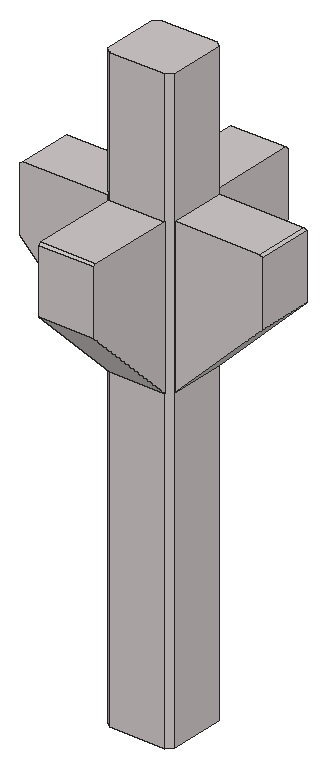
Revit family
Parameters (values of type "300 x 300")
  경사 코벨 앞면 [instance] = 코벨 높이 - 코벨 깊이  # 300 mm
  코벨 폭 남-북 [instance] = b - 2 * 모따기  # 250 mm
  코벨 폭 동-서 [instance] = h - 2 * 모따기  # 250 mm
  코벨 서쪽 = yes
  코벨 유형 = M_경사 코벨 : M_경사 코벨
  코벨 남쪽 = yes
  코벨 북쪽 = yes
  코벨 높이 [instance] = 700 mm
  코벨 동쪽 = yes
  코벨 거리 [instance] = 600 mm
  코벨 깊이 [instance] = 400 mm
  코벨 모따기 [instance] = 10 mm
  기둥 재료 [instance] = 콘크리트 - 프리캐스트 콘크리트 - 35MPa
  Assembly Code = "B10"
  모따기 = 25 mm
  b = 300 mm
  h = 300 mm
Types (7, lengths in mm): name | 경사 코벨 앞면 | 코벨 폭 남-북 | 코벨 폭 동-서 | 코벨 유형 | 코벨 남쪽 | 코벨 북쪽 | 코벨 높이 | 코벨 동쪽 | 코벨 거리 | 코벨 깊이 | 모따기 | b | h
  (no name) | 300 | 250 | 250 | M_경사 코벨 : M_경사 코벨 | yes | yes | 700 | yes | 600 | 400 | 25 | 300 | 300
  300 x 300 | 300 | 250 | 250 | M_경사 코벨 : M_경사 코벨 | yes | yes | 700 | yes | 600 | 400 | 25 | 300 | 300
  450 x 450 | 260 | 400 | 400 | M_경사 코벨 : M_경사 코벨 | yes | yes | 660 | yes | 460 | 400 | 25 | 450 | 450
  600 x 600 | 310 | 520 | 520 | M_직사각형 코벨 : M_직사각형 코벨 | yes | yes | 720 | yes | 600 | 410 | 40 | 600 | 600
  300 x 300 - 1 코벨 | 300 | 250 | 250 | M_직사각형 코벨 : M_직사각형 코벨 | no | no | 700 | no | 600 | 400 | 25 | 300 | 300
  450 x 450 - 2 코벨 | 260 | 400 | 400 | M_직사각형 코벨 : M_직사각형 코벨 | yes | no | 660 | no | 900 | 400 | 25 | 450 | 450
  600 x 600 - 3 코벨 | 310 | 520 | 520 | M_경사 코벨 : M_경사 코벨 | yes | yes | 720 | no | 500 | 410 | 40 | 600 | 600
Reference planes
  plane 1 "중심(앞/뒤)": y = 0
  plane 2: z = 0
  plane 3 "중심(왼쪽/오른쪽)": x = 0
  plane 4: x = -150
  plane 5: x = 150
  plane 6: y = 150
  plane 7: y = -150
  plane 8: x = -125
  plane 9: y = -125
  plane 10: x = 125
  plane 11: y = 125
  plane 12 "채우기 참조": z = 2143.2
Forms (mm)
  Extrusion 1, solid, material "콘크리트 - 프리캐스트 콘크리트 - 35MPa" <- "기둥 재료"
    sketch origin (0, 0, 0) x (1, 0, 0) y (0, 1, 0)
      loop
        line (-125, 150) -> (-150, 125) -> (-150, -125) -> (-125, -150) -> (125, -150) -> (150, -125) -> (150, 125) -> (125, 150) -> (-125, 150)
    from 0 to 2743.2
Dimensions and locks
  equal spacing: plane 4, plane 3 "중심(왼쪽/오른쪽)", plane 5
  equal spacing: plane 7, plane 1 "중심(앞/뒤)", plane 6
  "h": plane 7 to plane 6
  "b": plane 4 to plane 5
  "모따기": plane 4 to plane 8
  "모따기": plane 10 to plane 5
  "모따기": plane 11 to plane 6
  "모따기": plane 7 to plane 9
  "코벨 거리": level to plane 12 "채우기 참조"
  "코벨 거리": level to nested 1
  "코벨 거리": level to nested 2
  "코벨 거리": nested 3 to level
  "코벨 거리": level to nested 4
  aligned and locked: plane 6 to Extrusion 1 sketch curve
  aligned and locked: Extrusion 1 sketch curve to plane 7
  aligned and locked: Extrusion 1 sketch curve to plane 4
  aligned and locked: plane 5 to Extrusion 1 sketch curve
  aligned and locked: level to Extrusion 1
  aligned and locked: level to plane 2
  aligned and locked: Extrusion 1 to plane 2
  aligned and locked: nested 1 to plane 1 "중심(앞/뒤)"
  aligned and locked: nested 2 to plane 3 "중심(왼쪽/오른쪽)"
  aligned and locked: plane 3 "중심(왼쪽/오른쪽)" to nested 3
  aligned and locked: plane 1 "중심(앞/뒤)" to nested 4
Automatic sketch dimensions
  Extrusion 1 sketch curve to plane 8 = 0 mm  (x2)
  Extrusion 1 sketch curve to plane 10 = 0 mm  (x2)
  Extrusion 1 sketch curve to plane 9 = 0 mm  (x2)
  Extrusion 1 sketch curve to plane 11 = 0 mm  (x2)
Nested families
  nested 1: "M_경사 코벨" at (150, 0, 2143.2) x (0, 1, 0) z (1, 0, 0), 코벨 폭 <- "코벨 폭 동-서", visible <- "코벨 동쪽", type <- "코벨 유형", type "M_경사 코벨"
    with 코벨 폭 250 mm
  nested 2: "M_경사 코벨" at (0, 150, 2143.2) x (-1, 0, 0) z (0, 1, 0), 코벨 폭 <- "코벨 폭 남-북", visible <- "코벨 북쪽", type <- "코벨 유형", type "M_경사 코벨"
    with 코벨 폭 250 mm
  nested 3: "M_경사 코벨" at (0, -150, 2143.2) x (1, 0, 0) z (0, -1, 0), 코벨 폭 <- "코벨 폭 남-북", visible <- "코벨 남쪽", type <- "코벨 유형", type "M_경사 코벨"
    with 코벨 폭 250 mm
  nested 4: "M_경사 코벨" at (-150, 0, 2143.2) x (0, -1, 0) z (-1, 0, 0), 코벨 폭 <- "코벨 폭 동-서", visible <- "코벨 서쪽", type <- "코벨 유형", type "M_경사 코벨"
    with 코벨 폭 250 mm
Definition of nested family "M_경사 코벨"
  Parameters (values of type "M_경사 코벨")
    재료 = 콘크리트 - 프리캐스트 콘크리트 - 보통 두께 5 ksi
    Default Elevation = 0 mm
    코벨 폭 [instance] = 304.8 mm
    코벨 높이 = 700 mm
    코벨 앞면 = 300 mm
    코벨 깊이 = 400 mm
    모따기 = 10 mm
    Assembly Code = ""
  Reference planes
    plane 1 "중심(앞/뒤)": y = 0
    plane 2: z = 0
    plane 3 "중심(왼쪽/오른쪽)": x = 0
    plane 4: y = -700
    plane 5: y = -10
    plane 6: z = 400
    plane 7: z = 390
    plane 8 "왼쪽": x = -152.4
    plane 9 "오른쪽": x = 152.4
    plane 10: y = -300
  Forms (mm)
    Extrusion 1, solid
      sketch origin (0, 0, 0) x (1, 0, 0) y (0, 1, 0)
        loop
          line (-844.162, 1219.2) -> (-844.162, -1219.2) -> (762, -1219.2) -> (762, 1219.2) -> (-844.162, 1219.2)
      from 0 to -304.8
    Sweep 2, solid, material "콘크리트 - 프리캐스트 콘크리트 - 보통 두께 5 ksi" <- "재료"
      path origin (0, 0, 0) x (1, 0, 0) y (0, 1, 0)
        loop
          line (-152.4, 0) -> (152.4, 0)
      profile origin (0, 0, 0) x (0, 1, 0) y (0, 0, 1)
        loop
          line (0, 0) -> (0, 390) -> (-10, 400) -> (-300, 400) -> (-700, 0) -> (0, 0)
  Dimensions and locks
    "코벨 깊이": plane 6 to plane 2
    "모따기": plane 6 to plane 7
    "코벨 높이": plane 4 to plane 1 "중심(앞/뒤)"
    "모따기": plane 5 to plane 1 "중심(앞/뒤)"
    "코벨 폭": plane 8 "왼쪽" to plane 9 "오른쪽"
    equal spacing: plane 8 "왼쪽", plane 3 "중심(왼쪽/오른쪽)", plane 9 "오른쪽"
    "코벨 앞면": plane 10 to plane 1 "중심(앞/뒤)"
    aligned and locked: plane 2 to Extrusion 1
    aligned and locked: level to Extrusion 1
    aligned and locked: plane 1 "중심(앞/뒤)" to Sweep 2 sketch curve  (x2)
    aligned and locked: plane 2 to Sweep 2 sketch curve
    aligned and locked: plane 7 to Sweep 2 sketch curve
    aligned and locked: plane 8 "왼쪽" to Sweep 2 sketch curve
    aligned and locked: plane 9 "오른쪽" to Sweep 2 sketch curve
    aligned and locked: plane 4 to Sweep 2 sketch curve
    aligned and locked: Sweep 2 sketch curve to plane 6
    aligned and locked: plane 5 to Sweep 2 sketch curve
    aligned and locked: plane 10 to Sweep 2 sketch curve
  Automatic sketch dimensions
    Extrusion 1 sketch curve to Extrusion 1 sketch curve = 1606.162 mm
    Extrusion 1 sketch curve to Extrusion 1 sketch curve = 2438.4 mm
